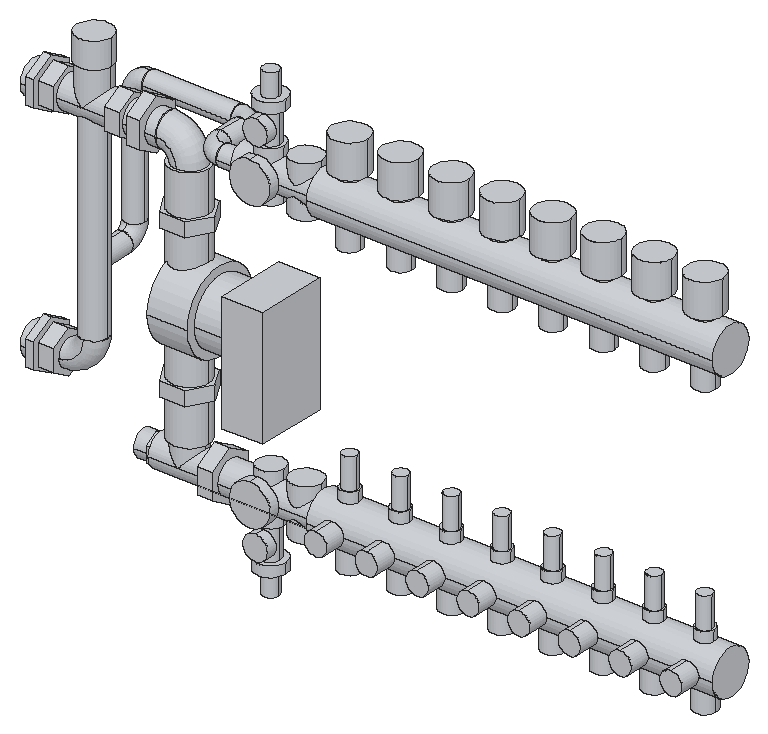
Revit family "318_9b57ddf208284e03839ea56ae0efe0", category Pipe Accessories, Revit 2017
Family settings
  Round Connector Dimension = Use Diameter
  Part Type = Valve - Normal
  Work Plane-Based = No
  Always vertical = Yes
  Cut with Voids When Loaded = No
  Shared = No
Parameters (values of type "R559NY008")
  magi_piping_qv_2_8 [instance] = 0.0 L/s
  magi_piping_qv_2_7 [instance] = 0.0 L/s
  magi_piping_qv_2_6 [instance] = 0.0 L/s
  magi_piping_qv_2_5 [instance] = 0.0 L/s
  magi_piping_qv_2_4 [instance] = 0.0 L/s
  magi_piping_qv_2_3 [instance] = 0.0 L/s
  magi_piping_qv_2_2 [instance] = 0.0 L/s
  magi_piping_qv_2_1 [instance] = 0.0 L/s
  magi_piping_qv_1_8 [instance] = 0.0 L/s
  magi_piping_qv_1_7 [instance] = 0.0 L/s
  magi_piping_qv_1_6 [instance] = 0.0 L/s
  magi_piping_qv_1_5 [instance] = 0.0 L/s
  magi_piping_qv_1_4 [instance] = 0.0 L/s
  magi_piping_qv_1_3 [instance] = 0.0 L/s
  magi_piping_qv_1_2 [instance] = 0.0 L/s
  magi_piping_qv_1_1 [instance] = 0.0 L/s
  magi_piping_qv [instance] = 0.0 L/s
  magi_piping_power_8 [instance] = 0 W
  magi_piping_power_7 [instance] = 0 W
  magi_piping_power_6 [instance] = 0 W
  magi_piping_power_5 [instance] = 0 W
  magi_piping_power_4 [instance] = 0 W
  magi_piping_power_3 [instance] = 0 W
  magi_piping_power_2 [instance] = 0 W
  magi_piping_power_1 [instance] = 0 W
  magi_piping_kv_8 [instance] = 0
  magi_piping_kv_7 [instance] = 0
  magi_piping_kv_6 [instance] = 0
  magi_piping_kv_5 [instance] = 0
  magi_piping_kv_4 [instance] = 0
  magi_piping_kv_3 [instance] = 0
  magi_piping_kv_2 [instance] = 0
  magi_piping_kv_1 [instance] = 0
  magi_piping_dpTot_8 [instance] = 0.0 Pa
  magi_piping_dpTot_7 [instance] = 0.0 Pa
  magi_piping_dpTot_6 [instance] = 0.0 Pa
  magi_piping_dpTot_5 [instance] = 0.0 Pa
  magi_piping_dpTot_4 [instance] = 0.0 Pa
  magi_piping_dpTot_3 [instance] = 0.0 Pa
  magi_piping_dpTot_2 [instance] = 0.0 Pa
  magi_piping_dpTot_1 [instance] = 0.0 Pa
  magi_adjustmentValue_8 [instance] = ""
  magi_adjustmentValue_7 [instance] = ""
  magi_adjustmentValue_6 [instance] = ""
  magi_adjustmentValue_5 [instance] = ""
  magi_adjustmentValue_4 [instance] = ""
  magi_adjustmentValue_3 [instance] = ""
  magi_adjustmentValue_2 [instance] = ""
  magi_adjustmentValue_1 [instance] = ""
  magiProductId = "9b57ddf208284e03839ea56ae0efe0"
  magiProductFamilyId = "9b57ddf208284e03839ea56ae0efe0"
  magiProductCode = "R559NY008"
  magiPartTypeId = 318
  X1 = 312 mm
  VersionID = "2.0/2016.10.37.0/GIACOMINI_R559N_001"
  VL1 = 287 mm
  URL = "http://www.giacomini.com/en"
  SMP = 25 mm
  SBP9 = 18 mm
  SBP8 = 18 mm
  SBP7 = 18 mm
  SBP6 = 18 mm
  SBP5 = 18 mm
  SBP4 = 18 mm
  SBP3 = 18 mm
  SBP2 = 18 mm
  SBP12 = 18 mm
  SBP11 = 18 mm
  SBP10 = 18 mm
  SBP1 = 18 mm
  RMP = 25 mm
  RBP9 = 18 mm
  RBP8 = 18 mm
  RBP7 = 18 mm
  RBP6 = 18 mm
  RBP5 = 18 mm
  RBP4 = 18 mm
  RBP3 = 18 mm
  RBP2 = 18 mm
  RBP12 = 18 mm
  RBP11 = 18 mm
  RBP10 = 18 mm
  RBP1 = 18 mm
  R2 = 22 mm
  QmdConnectorList = "321;SMP;322;SBP1;323;SBP2;324;SBP3;325;SBP4;326;SBP5;327;SBP6;328;SBP7;329;SBP8;351;RMP;352;RBP1;353;RBP2;354;RBP3;355;RBP4;356;RBP5;357;RBP6;358;RBP7;359;RBP8"
  Productdata [instance] = "© Progman Oy, all rights reserved"
  N9 = no
  N8 = yes
  N7 = yes
  N6 = yes
  N5 = yes
  N12 = no
  N11 = no
  N10 = no
  Manufacturer = "Giacomini"
  MC_Default_elevation = 0 mm
  L = 400 mm
  I = 50 mm
  H5 = 33 mm
  H4 = 5 mm
  H3__ve = -H3  # -40 mm
  H3 = 40 mm
  H2__ve = -H2  # -20 mm
  H2 = 20 mm
  H12 = 30 mm
  H11 = 10 mm
  Flow supply main [instance] = Flow supply 1 + Flow supply 2 + Flow supply 3 + Flow supply 4 + Flow supply 5 + Flow supply 6 + Flow supply 7 + Flow supply 8  # 0.0 L/s
  Flow supply 8 [instance] = 0.0 L/s
  Flow supply 7 [instance] = 0.0 L/s
  Flow supply 6 [instance] = 0.0 L/s
  Flow supply 5 [instance] = 0.0 L/s
  Flow supply 4 [instance] = 0.0 L/s
  Flow supply 3 [instance] = 0.0 L/s
  Flow supply 2 [instance] = 0.0 L/s
  Flow supply 1 [instance] = 0.0 L/s
  Flow return main [instance] = Flow return 1 + Flow return 2 + Flow return 3 + Flow return 4 + Flow return 5 + Flow return 6 + Flow return 7 + Flow return 8  # 0.0 L/s
  Flow return 8 [instance] = 0.0 L/s
  Flow return 7 [instance] = 0.0 L/s
  Flow return 6 [instance] = 0.0 L/s
  Flow return 5 [instance] = 0.0 L/s
  Flow return 4 [instance] = 0.0 L/s
  Flow return 3 [instance] = 0.0 L/s
  Flow return 2 [instance] = 0.0 L/s
  Flow return 1 [instance] = 0.0 L/s
  E = 285 mm
  Description = "MANIFOLD WITH MIXING VALVE AND ELECTRONIC REGULATION"
  D4 = 22 mm
  D32 = 14 mm
  D31 = 18 mm
  D2 = 44 mm
  CAT0 = yes
Reference planes
  plane 1 "Center (Front/Back)": y = 0
  plane 2 "XYPLANE": z = 0
  plane 3 "Center (Left/Right)": x = 0
  plane 4 "INIT_TEMP": y = 100
  plane 5 "634": y = -5
  plane 6 "630": y = 10
  plane 7 "629": x = 192
  plane 8 "626": x = 177
  plane 9 "621": x = 162
  plane 10 "619": z = 0
  plane 11 "615": x = 75
  plane 12 "614": z = -15
  plane 13 "611": y = 50
  plane 14 "607": z = -126
  plane 15 "606": y = 35
  plane 16 "603": z = -141
  plane 17 "598": x = 122
  plane 18 "595": x = 133
  plane 19 "256": z = -325
  plane 20 "255": z = -162.5
  plane 21 "254": x = 214
  plane 22 "253": x = 184
  plane 23 "252": z = -142.5
  plane 24 "251": x = 144
  plane 25 "250": z = -210
  plane 26 "249": z = 36
  plane 27 "248": z = 67
  plane 28 "247": z = 57
  plane 29 "246": z = 41
  plane 30 "245": z = 25
  plane 31 "244": x = 234
  plane 32 "243": x = 126
  plane 33 "242": z = -231
  plane 34 "241": x = 137
  plane 35 "240": x = 194
  plane 36 "239": y = -16
  plane 37 "238": y = -9
  plane 38 "237": z = -326
  plane 39 "236": z = -352
  plane 40 "235": z = -342
  plane 41 "234": z = -224
  plane 42 "233": z = -264
  plane 43 "232": z = -61
  plane 44 "231": z = -21
  plane 45 "230": x = 287
  plane 46 "229": z = -263
  plane 47 "228": x = 0
  plane 48 "227": y = 0
  plane 49 "226": z = -285
  plane 50 "225": z = 0
  plane 51 "224": z = 22
  plane 52 "223": x = 312
  plane 53 "222": x = 362
  plane 54 "221": y = -22
  plane 55 "220": x = 412
  plane 56 "219": x = 462
  plane 57 "218": x = 512
  plane 58 "217": x = 562
  plane 59 "216": x = 612
  plane 60 "215": x = 662
  plane 61 "214": x = 712
  plane 62 "213": x = 762
  plane 63 "212": x = 812
  plane 64 "211": x = 862
  plane 65 "210": z = -310
  plane 66 "209": z = 27
  plane 67 "208": z = -253
  plane 68 "207": x = 154
  plane 69 "206": z = 25
  plane 70 "205": x = 269
  plane 71 "204": z = -260
  plane 72 "203": x = 60
  plane 73 "202": x = 100
  plane 74 "201": x = 20
  plane 75 "200": x = 35
  plane 76 "199": z = -206
  plane 77 "198": z = -40
  plane 78 "4": x = 10
Forms (mm)
  Extrusion 1, solid
    sketch origin (192, -750, 0) x (0, 1, 0) y (0, 0, 1)
      loop
        circle (745, 0) r 10
    from 0 to 15
  Revolve 2, solid
    sketch origin (177, 10, 0) x (0, 0, -1) y (1, 0, 0)
      loop
        circle (0, 0) r 10
      axis (-10, 15) -> (10, 15)
    angle from 0 to -90
  Extrusion 3, solid
    sketch origin (750, 35, 0) x (-1, 0, 0) y (0, 0, 1)
      loop
        circle (573, 0) r 10
    from 0 to -25
  Revolve 4, solid
    sketch origin (162, 50, 0) x (0, 1, 0) y (0, 0, 1)
      loop
        circle (0, 0) r 10
      axis (-15, 0) -> (-15, 1)
    angle from 0 to -90
  Extrusion 5, solid
    sketch origin (75, -750, 0) x (0, 1, 0) y (0, 0, 1)
      loop
        circle (800, 0) r 10
    from 0 to 87
  Revolve 6, solid
    sketch origin (60, 50, -15) x (1, 0, 0) y (0, 1, 0)
      loop
        circle (0, 0) r 10
      axis (15, 0) -> (15, -1)
    angle from 0 to -90
  Extrusion 7, solid
    sketch origin (-750, 0, -126) x (1, 0, 0) y (0, 1, 0)
      loop
        circle (810, 50) r 10
    from 0 to 111
  Revolve 8, solid
    sketch origin (60, 35, -141) x (0, 0, 1) y (1, 0, 0)
      loop
        circle (0, 0) r 10
      axis (15, 0) -> (15, -1)
    angle from 0 to -90
  Extrusion 9, solid
    sketch origin (750, 0, 0) x (-1, 0, 0) y (0, 0, 1)
      loop
        circle (690, -141) r 10
    from 0 to 35
  Revolve 10, solid
    sketch origin (133, 0, 0) x (0, 1, 0) y (0, 0, 1)
      loop
        circle (0, 0) r 16
      axis (16, -21) -> (-16, -21)
    angle from 0 to -90
  Extrusion 11, solid
    sketch origin (10, -750, 0) x (0, 1, 0) y (0, 0, 1)
      loop
        line (750, 25) -> (728.349, 12.5) -> (728.349, -12.5) -> (750, -25) -> (771.651, -12.5) -> (771.651, 12.5) -> (750, 25)
    from 0 to 8
  Extrusion 12, solid
    sketch origin (0, -750, 0) x (0, 1, 0) y (0, 0, 1)
      loop
        circle (750, 0) r 16
    from 0 to 133
  Extrusion 13, solid
    sketch origin (-750, 0, 36) x (1, 0, 0) y (0, 1, 0)
      loop
        circle (810, 0) r 17
    from 0 to 25
  Extrusion 14, solid
    sketch origin (214, -750, 0) x (0, 1, 0) y (0, 0, 1)
      loop
        line (715, -104.5) -> (715, -220.5) -> (785, -220.5) -> (785, -104.5) -> (715, -104.5)
    from 0 to 40
  Extrusion 15, solid
    sketch origin (184, -750, 0) x (0, 1, 0) y (0, 0, 1)
      loop
        circle (750, -142.5) r 32.5
    from 0 to 30
  Extrusion 16, solid
    sketch origin (144, -750, 0) x (0, 1, 0) y (0, 0, 1)
      loop
        circle (750, -142.5) r 40
    from 0 to 40
  Extrusion 17, solid
    sketch origin (-750, 0, -210) x (1, 0, 0) y (0, 1, 0)
      loop
        circle (904, 0) r 19
    from 0 to 135
  Extrusion 18, solid
    sketch origin (-750, 0, 0) x (1, 0, 0) y (0, 1, 0)
      loop
        circle (810, 0) r 16
    from 0 to 36
  Extrusion 19, solid
    sketch origin (750, -16, 0) x (-1, 0, 0) y (0, 0, 1)
      loop
        circle (516, 0) r 20
    from 0 to -10
  Extrusion 20, solid
    sketch origin (-750, 0, 25) x (1, 0, 0) y (0, 1, 0)
      loop
        circle (984, 0) r 9
    from 0 to 32
  Extrusion 21, solid
    sketch origin (-750, 0, 57) x (1, 0, 0) y (0, 1, 0)
      loop
        circle (984, 0) r 15
    from 0 to 10
  Extrusion 22, solid
    sketch origin (-750, 0, 67) x (1, 0, 0) y (0, 1, 0)
      loop
        circle (984, 0) r 7.5
    from 0 to 22
  Extrusion 23, solid
    sketch origin (750, -9, 0) x (-1, 0, 0) y (0, 0, 1)
      loop
        circle (516, 41) r 12
    from 0 to -10
  Extrusion 24, solid
    sketch origin (-750, 0, 25) x (1, 0, 0) y (0, 1, 0)
      loop
        circle (984, 0) r 13
    from 0 to -50
  Extrusion 25, solid
    sketch origin (750, -16, 0) x (-1, 0, 0) y (0, 0, 1)
      loop
        circle (516, -285) r 20
    from 0 to -10
  Extrusion 26, solid
    sketch origin (750, -9, 0) x (-1, 0, 0) y (0, 0, 1)
      loop
        circle (516, -326) r 12
    from 0 to -10
  Extrusion 27, solid
    sketch origin (-750, 0, -352) x (1, 0, 0) y (0, 1, 0)
      loop
        circle (984, 0) r 7.5
    from 0 to -22
  Extrusion 28, solid
    sketch origin (-750, 0, -342) x (1, 0, 0) y (0, 1, 0)
      loop
        circle (984, 0) r 15
    from 0 to -10
  Extrusion 29, solid
    sketch origin (-750, 0, -310) x (1, 0, 0) y (0, 1, 0)
      loop
        circle (984, 0) r 9
    from 0 to -32
  Extrusion 30, solid
    sketch origin (-750, 0, -264) x (1, 0, 0) y (0, 1, 0)
      loop
        circle (904, 0) r 19
    from 0 to 40
  Extrusion 31, solid
    sketch origin (-750, 0, -285) x (1, 0, 0) y (0, 1, 0)
      loop
        circle (904, 0) r 16
    from 0 to 21
  Extrusion 32, solid
    sketch origin (-750, 0, -224) x (1, 0, 0) y (0, 1, 0)
      loop
        line (929, 0) -> (916.5, 21.651) -> (891.5, 21.651) -> (879, 0) -> (891.5, -21.651) -> (916.5, -21.651) -> (929, 0)
    from 0 to 14
  Extrusion 33, solid
    sketch origin (-750, 0, -61) x (1, 0, 0) y (0, 1, 0)
      loop
        line (879, 0) -> (891.5, -21.651) -> (916.5, -21.651) -> (929, 0) -> (916.5, 21.651) -> (891.5, 21.651) -> (879, 0)
    from 0 to -14
  Extrusion 34, solid
    sketch origin (-750, 0, -21) x (1, 0, 0) y (0, 1, 0)
      loop
        circle (904, 0) r 19
    from 0 to -40
  Extrusion 35, solid, visible <- "CAT0"
    sketch origin (126, -750, 0) x (0, 1, 0) y (0, 0, 1)
      loop
        circle (750, -285) r 12.5
    from 0 to -17
  Extrusion 36, solid
    sketch origin (137, -750, 0) x (0, 1, 0) y (0, 0, 1)
      loop
        line (750, -270) -> (737.01, -277.5) -> (737.01, -292.5) -> (750, -300) -> (762.99, -292.5) -> (762.99, -277.5) -> (750, -270)
    from 0 to -15
  Extrusion 37, solid
    sketch origin (122, -750, 0) x (0, 1, 0) y (0, 0, 1)
      loop
        line (750, 25) -> (728.349, 12.5) -> (728.349, -12.5) -> (750, -25) -> (771.651, -12.5) -> (771.651, 12.5) -> (750, 25)
    from 0 to -13
  Extrusion 38, solid
    sketch origin (287, -750, 0) x (0, 1, 0) y (0, 0, 1)
      loop
        circle (750, 0) r 16
    from 0 to -80
  Extrusion 39, solid
    sketch origin (194, -750, 0) x (0, 1, 0) y (0, 0, 1)
      loop
        line (750, -260) -> (728.349, -272.5) -> (728.349, -297.5) -> (750, -310) -> (771.651, -297.5) -> (771.651, -272.5) -> (750, -260)
    from 0 to -15
  Extrusion 40, solid
    sketch origin (287, -750, 0) x (0, 1, 0) y (0, 0, 1)
      loop
        circle (750, -285) r 16
    from 0 to -161
  Extrusion 41, solid, visible <- "N10"
    sketch origin (-750, 0, 0) x (1, 0, 0) y (0, 1, 0)
      loop
        circle (1512, 0) r 11
    from 0 to -40 <- "H3__ve"
  Extrusion 42, solid, visible <- "N10"
    sketch origin (-750, 0, 22) x (1, 0, 0) y (0, 1, 0)
      loop
        circle (1512, 0) r 11
    from 0 to 5 <- "H4"
  Extrusion 43, solid, visible <- "N10"
    sketch origin (-750, 0, 27) x (1, 0, 0) y (0, 1, 0)
      loop
        circle (1512, 0) r 17.5
    from 0 to 33 <- "H5"
  Extrusion 44, solid, visible <- "N12"
    sketch origin (-750, 0, 27) x (1, 0, 0) y (0, 1, 0)
      loop
        circle (1612, 0) r 17.5
    from 0 to 33 <- "H5"
  Extrusion 45, solid, visible <- "N12"
    sketch origin (-750, 0, 22) x (1, 0, 0) y (0, 1, 0)
      loop
        circle (1612, 0) r 11
    from 0 to 5 <- "H4"
  Extrusion 46, solid, visible <- "N12"
    sketch origin (-750, 0, 0) x (1, 0, 0) y (0, 1, 0)
      loop
        circle (1612, 0) r 11
    from 0 to -40 <- "H3__ve"
  Extrusion 47, solid, visible <- "N11"
    sketch origin (-750, 0, 0) x (1, 0, 0) y (0, 1, 0)
      loop
        circle (1562, 0) r 11
    from 0 to -40 <- "H3__ve"
  Extrusion 48, solid, visible <- "N11"
    sketch origin (-750, 0, 22) x (1, 0, 0) y (0, 1, 0)
      loop
        circle (1562, 0) r 11
    from 0 to 5 <- "H4"
  Extrusion 49, solid, visible <- "N11"
    sketch origin (-750, 0, 27) x (1, 0, 0) y (0, 1, 0)
      loop
        circle (1562, 0) r 17.5
    from 0 to 33 <- "H5"
  Extrusion 50, solid, visible <- "N8"
    sketch origin (-750, 0, 27) x (1, 0, 0) y (0, 1, 0)
      loop
        circle (1412, 0) r 17.5
    from 0 to 33 <- "H5"
  Extrusion 51, solid, visible <- "N8"
    sketch origin (-750, 0, 22) x (1, 0, 0) y (0, 1, 0)
      loop
        circle (1412, 0) r 11
    from 0 to 5 <- "H4"
  Extrusion 52, solid, visible <- "N8"
    sketch origin (-750, 0, 0) x (1, 0, 0) y (0, 1, 0)
      loop
        circle (1412, 0) r 11
    from 0 to -40 <- "H3__ve"
  Extrusion 53, solid, visible <- "N9"
    sketch origin (-750, 0, 0) x (1, 0, 0) y (0, 1, 0)
      loop
        circle (1462, 0) r 11
    from 0 to -40 <- "H3__ve"
  Extrusion 54, solid, visible <- "N9"
    sketch origin (-750, 0, 22) x (1, 0, 0) y (0, 1, 0)
      loop
        circle (1462, 0) r 11
    from 0 to 5 <- "H4"
  Extrusion 55, solid, visible <- "N9"
    sketch origin (-750, 0, 27) x (1, 0, 0) y (0, 1, 0)
      loop
        circle (1462, 0) r 17.5
    from 0 to 33 <- "H5"
  Extrusion 56, solid, visible <- "N7"
    sketch origin (-750, 0, 27) x (1, 0, 0) y (0, 1, 0)
      loop
        circle (1362, 0) r 17.5
    from 0 to 33 <- "H5"
  Extrusion 57, solid, visible <- "N7"
    sketch origin (-750, 0, 22) x (1, 0, 0) y (0, 1, 0)
      loop
        circle (1362, 0) r 11
    from 0 to 5 <- "H4"
  Extrusion 58, solid, visible <- "N7"
    sketch origin (-750, 0, 0) x (1, 0, 0) y (0, 1, 0)
      loop
        circle (1362, 0) r 11
    from 0 to -40 <- "H3__ve"
  Extrusion 59, solid, visible <- "N6"
    sketch origin (-750, 0, 0) x (1, 0, 0) y (0, 1, 0)
      loop
        circle (1312, 0) r 11
    from 0 to -40 <- "H3__ve"
  Extrusion 60, solid, visible <- "N6"
    sketch origin (-750, 0, 22) x (1, 0, 0) y (0, 1, 0)
      loop
        circle (1312, 0) r 11
    from 0 to 5 <- "H4"
  Extrusion 61, solid, visible <- "N6"
    sketch origin (-750, 0, 27) x (1, 0, 0) y (0, 1, 0)
      loop
        circle (1312, 0) r 17.5
    from 0 to 33 <- "H5"
  Extrusion 62, solid, visible <- "N5"
    sketch origin (-750, 0, 27) x (1, 0, 0) y (0, 1, 0)
      loop
        circle (1262, 0) r 17.5
    from 0 to 33 <- "H5"
  Extrusion 63, solid, visible <- "N5"
    sketch origin (-750, 0, 22) x (1, 0, 0) y (0, 1, 0)
      loop
        circle (1262, 0) r 11
    from 0 to 5 <- "H4"
  Extrusion 64, solid, visible <- "N5"
    sketch origin (-750, 0, 0) x (1, 0, 0) y (0, 1, 0)
      loop
        circle (1262, 0) r 11
    from 0 to -40 <- "H3__ve"
  Extrusion 65, solid
    sketch origin (-750, 0, 0) x (1, 0, 0) y (0, 1, 0)
      loop
        circle (1212, 0) r 11
    from 0 to -40 <- "H3__ve"
  Extrusion 66, solid
    sketch origin (-750, 0, 22) x (1, 0, 0) y (0, 1, 0)
      loop
        circle (1212, 0) r 11
    from 0 to 5 <- "H4"
  Extrusion 67, solid
    sketch origin (-750, 0, 27) x (1, 0, 0) y (0, 1, 0)
      loop
        circle (1212, 0) r 17.5
    from 0 to 33 <- "H5"
  Extrusion 68, solid
    sketch origin (-750, 0, 27) x (1, 0, 0) y (0, 1, 0)
      loop
        circle (1162, 0) r 17.5
    from 0 to 33 <- "H5"
  Extrusion 69, solid
    sketch origin (-750, 0, 22) x (1, 0, 0) y (0, 1, 0)
      loop
        circle (1162, 0) r 11
    from 0 to 5 <- "H4"
  Extrusion 70, solid
    sketch origin (-750, 0, 22) x (1, 0, 0) y (0, 1, 0)
      loop
        circle (1112, 0) r 11
    from 0 to 5 <- "H4"
  Extrusion 71, solid
    sketch origin (-750, 0, 27) x (1, 0, 0) y (0, 1, 0)
      loop
        circle (1112, 0) r 17.5
    from 0 to 33 <- "H5"
  Extrusion 72, solid
    sketch origin (-750, 0, 27) x (1, 0, 0) y (0, 1, 0)
      loop
        circle (1062, 0) r 17.5
    from 0 to 33 <- "H5"
  Extrusion 73, solid
    sketch origin (-750, 0, 22) x (1, 0, 0) y (0, 1, 0)
      loop
        circle (1062, 0) r 11
    from 0 to 5 <- "H4"
  Extrusion 74, solid
    sketch origin (-750, 0, 0) x (1, 0, 0) y (0, 1, 0)
      loop
        circle (1162, 0) r 11
    from 0 to -40 <- "H3__ve"
  Extrusion 75, solid
    sketch origin (-750, 0, 0) x (1, 0, 0) y (0, 1, 0)
      loop
        circle (1062, 0) r 11
    from 0 to -40 <- "H3__ve"
  Extrusion 76, solid
    sketch origin (-750, 0, 0) x (1, 0, 0) y (0, 1, 0)
      loop
        circle (1112, 0) r 11
    from 0 to -40 <- "H3__ve"
  Extrusion 77, solid
    sketch origin (287, -750, 0) x (0, 1, 0) y (0, 0, 1)
      loop
        circle (750, 0) r 22
    from 0 to 400 <- "L"
  Extrusion 78, solid, visible <- "N8"
    sketch origin (-750, 0, -285) x (1, 0, 0) y (0, 1, 0)
      loop
        circle (1412, 0) r 11
    from 0 to -40 <- "H3__ve"
  Extrusion 79, solid, visible <- "N9"
    sketch origin (-750, 0, -285) x (1, 0, 0) y (0, 1, 0)
      loop
        circle (1462, 0) r 11
    from 0 to -40 <- "H3__ve"
  Extrusion 80, solid, visible <- "N10"
    sketch origin (-750, 0, -285) x (1, 0, 0) y (0, 1, 0)
      loop
        circle (1512, 0) r 11
    from 0 to -40 <- "H3__ve"
  Extrusion 81, solid, visible <- "N11"
    sketch origin (-750, 0, -285) x (1, 0, 0) y (0, 1, 0)
      loop
        circle (1562, 0) r 11
    from 0 to -40 <- "H3__ve"
  Extrusion 82, solid, visible <- "N12"
    sketch origin (-750, 0, -285) x (1, 0, 0) y (0, 1, 0)
      loop
        circle (1612, 0) r 11
    from 0 to -40 <- "H3__ve"
  Extrusion 83, solid, visible <- "N7"
    sketch origin (-750, 0, -285) x (1, 0, 0) y (0, 1, 0)
      loop
        circle (1362, 0) r 11
    from 0 to -40 <- "H3__ve"
  Extrusion 84, solid, visible <- "N6"
    sketch origin (-750, 0, -285) x (1, 0, 0) y (0, 1, 0)
      loop
        circle (1312, 0) r 11
    from 0 to -40 <- "H3__ve"
  Extrusion 85, solid, visible <- "N5"
    sketch origin (-750, 0, -285) x (1, 0, 0) y (0, 1, 0)
      loop
        circle (1262, 0) r 11
    from 0 to -40 <- "H3__ve"
  Extrusion 86, solid
    sketch origin (-750, 0, -285) x (1, 0, 0) y (0, 1, 0)
      loop
        circle (1212, 0) r 11
    from 0 to -40 <- "H3__ve"
  Extrusion 87, solid
    sketch origin (-750, 0, -285) x (1, 0, 0) y (0, 1, 0)
      loop
        circle (1162, 0) r 11
    from 0 to -40 <- "H3__ve"
  Extrusion 88, solid
    sketch origin (-750, 0, -285) x (1, 0, 0) y (0, 1, 0)
      loop
        circle (1112, 0) r 11
    from 0 to -40 <- "H3__ve"
  Extrusion 89, solid
    sketch origin (-750, 0, -285) x (1, 0, 0) y (0, 1, 0)
      loop
        circle (1062, 0) r 11
    from 0 to -40 <- "H3__ve"
  Extrusion 90, solid
    sketch origin (287, -750, 0) x (0, 1, 0) y (0, 0, 1)
      loop
        circle (750, -285) r 22
    from 0 to 400 <- "L"
  Extrusion 91, solid
    sketch origin (-750, 0, -263) x (1, 0, 0) y (0, 1, 0)
      loop
        circle (1062, 0) r 9
    from 0 to 10 <- "H11"
  Extrusion 92, solid
    sketch origin (750, -22, 0) x (-1, 0, 0) y (0, 0, 1)
      loop
        circle (438, -285) r 11
    from 0 to -20 <- "H2__ve"
  Extrusion 93, solid
    sketch origin (750, -22, 0) x (-1, 0, 0) y (0, 0, 1)
      loop
        circle (388, -285) r 11
    from 0 to -20 <- "H2__ve"
  Extrusion 94, solid
    sketch origin (750, -22, 0) x (-1, 0, 0) y (0, 0, 1)
      loop
        circle (338, -285) r 11
    from 0 to -20 <- "H2__ve"
  Extrusion 95, solid
    sketch origin (-750, 0, -253) x (1, 0, 0) y (0, 1, 0)
      loop
        circle (1062, 0) r 7
    from 0 to 30 <- "H12"
  Extrusion 96, solid
    sketch origin (-750, 0, -253) x (1, 0, 0) y (0, 1, 0)
      loop
        circle (1112, 0) r 7
    from 0 to 30 <- "H12"
  Extrusion 97, solid
    sketch origin (-750, 0, -263) x (1, 0, 0) y (0, 1, 0)
      loop
        circle (1112, 0) r 9
    from 0 to 10 <- "H11"
  Extrusion 98, solid
    sketch origin (-750, 0, -263) x (1, 0, 0) y (0, 1, 0)
      loop
        circle (1162, 0) r 9
    from 0 to 10 <- "H11"
  Extrusion 99, solid
    sketch origin (-750, 0, -253) x (1, 0, 0) y (0, 1, 0)
      loop
        circle (1162, 0) r 7
    from 0 to 30 <- "H12"
  Extrusion 100, solid
    sketch origin (-750, 0, -253) x (1, 0, 0) y (0, 1, 0)
      loop
        circle (1212, 0) r 7
    from 0 to 30 <- "H12"
  Extrusion 101, solid
    sketch origin (-750, 0, -263) x (1, 0, 0) y (0, 1, 0)
      loop
        circle (1212, 0) r 9
    from 0 to 10 <- "H11"
  Extrusion 102, solid
    sketch origin (750, -22, 0) x (-1, 0, 0) y (0, 0, 1)
      loop
        circle (288, -285) r 11
    from 0 to -20 <- "H2__ve"
  Extrusion 103, solid, visible <- "N5"
    sketch origin (750, -22, 0) x (-1, 0, 0) y (0, 0, 1)
      loop
        circle (238, -285) r 11
    from 0 to -20 <- "H2__ve"
  Extrusion 104, solid, visible <- "N5"
    sketch origin (-750, 0, -263) x (1, 0, 0) y (0, 1, 0)
      loop
        circle (1262, 0) r 9
    from 0 to 10 <- "H11"
  Extrusion 105, solid, visible <- "N5"
    sketch origin (-750, 0, -253) x (1, 0, 0) y (0, 1, 0)
      loop
        circle (1262, 0) r 7
    from 0 to 30 <- "H12"
  Extrusion 106, solid, visible <- "N6"
    sketch origin (-750, 0, -253) x (1, 0, 0) y (0, 1, 0)
      loop
        circle (1312, 0) r 7
    from 0 to 30 <- "H12"
  Extrusion 107, solid, visible <- "N6"
    sketch origin (-750, 0, -263) x (1, 0, 0) y (0, 1, 0)
      loop
        circle (1312, 0) r 9
    from 0 to 10 <- "H11"
  Extrusion 108, solid, visible <- "N6"
    sketch origin (750, -22, 0) x (-1, 0, 0) y (0, 0, 1)
      loop
        circle (188, -285) r 11
    from 0 to -20 <- "H2__ve"
  Extrusion 109, solid, visible <- "N7"
    sketch origin (750, -22, 0) x (-1, 0, 0) y (0, 0, 1)
      loop
        circle (138, -285) r 11
    from 0 to -20 <- "H2__ve"
  Extrusion 110, solid, visible <- "N7"
    sketch origin (-750, 0, -263) x (1, 0, 0) y (0, 1, 0)
      loop
        circle (1362, 0) r 9
    from 0 to 10 <- "H11"
  Extrusion 111, solid, visible <- "N7"
    sketch origin (-750, 0, -253) x (1, 0, 0) y (0, 1, 0)
      loop
        circle (1362, 0) r 7
    from 0 to 30 <- "H12"
  Extrusion 112, solid, visible <- "N8"
    sketch origin (-750, 0, -253) x (1, 0, 0) y (0, 1, 0)
      loop
        circle (1412, 0) r 7
    from 0 to 30 <- "H12"
  Extrusion 113, solid, visible <- "N8"
    sketch origin (-750, 0, -263) x (1, 0, 0) y (0, 1, 0)
      loop
        circle (1412, 0) r 9
    from 0 to 10 <- "H11"
  Extrusion 114, solid, visible <- "N8"
    sketch origin (750, -22, 0) x (-1, 0, 0) y (0, 0, 1)
      loop
        circle (88, -285) r 11
    from 0 to -20 <- "H2__ve"
  Extrusion 115, solid, visible <- "N10"
    sketch origin (750, -22, 0) x (-1, 0, 0) y (0, 0, 1)
      loop
        circle (-12, -285) r 11
    from 0 to -20 <- "H2__ve"
  Extrusion 116, solid, visible <- "N10"
    sketch origin (-750, 0, -263) x (1, 0, 0) y (0, 1, 0)
      loop
        circle (1512, 0) r 9
    from 0 to 10 <- "H11"
  Extrusion 117, solid, visible <- "N10"
    sketch origin (-750, 0, -253) x (1, 0, 0) y (0, 1, 0)
      loop
        circle (1512, 0) r 7
    from 0 to 30 <- "H12"
  Extrusion 118, solid, visible <- "N9"
    sketch origin (-750, 0, -253) x (1, 0, 0) y (0, 1, 0)
      loop
        circle (1462, 0) r 7
    from 0 to 30 <- "H12"
  Extrusion 119, solid, visible <- "N9"
    sketch origin (-750, 0, -263) x (1, 0, 0) y (0, 1, 0)
      loop
        circle (1462, 0) r 9
    from 0 to 10 <- "H11"
  Extrusion 120, solid, visible <- "N9"
    sketch origin (750, -22, 0) x (-1, 0, 0) y (0, 0, 1)
      loop
        circle (38, -285) r 11
    from 0 to -20 <- "H2__ve"
  Extrusion 121, solid, visible <- "N11"
    sketch origin (-750, 0, -253) x (1, 0, 0) y (0, 1, 0)
      loop
        circle (1562, 0) r 7
    from 0 to 30 <- "H12"
  Extrusion 122, solid, visible <- "N11"
    sketch origin (-750, 0, -263) x (1, 0, 0) y (0, 1, 0)
      loop
        circle (1562, 0) r 9
    from 0 to 10 <- "H11"
  Extrusion 123, solid, visible <- "N11"
    sketch origin (750, -22, 0) x (-1, 0, 0) y (0, 0, 1)
      loop
        circle (-62, -285) r 11
    from 0 to -20 <- "H2__ve"
  Extrusion 124, solid, visible <- "N12"
    sketch origin (750, -22, 0) x (-1, 0, 0) y (0, 0, 1)
      loop
        circle (-112, -285) r 11
    from 0 to -20 <- "H2__ve"
  Extrusion 125, solid, visible <- "N12"
    sketch origin (-750, 0, -263) x (1, 0, 0) y (0, 1, 0)
      loop
        circle (1612, 0) r 9
    from 0 to 10 <- "H11"
  Extrusion 126, solid, visible <- "N12"
    sketch origin (-750, 0, -253) x (1, 0, 0) y (0, 1, 0)
      loop
        circle (1612, 0) r 7
    from 0 to 30 <- "H12"
  Extrusion 127, solid, visible <- "CAT0"
    sketch origin (-750, 0, 25) x (1, 0, 0) y (0, 1, 0)
      loop
        circle (1019, 0) r 15
    from 0 to -50
  Extrusion 128, solid
    sketch origin (-750, 0, -310) x (1, 0, 0) y (0, 1, 0)
      loop
        circle (984, 0) r 13
    from 0 to 50
  Extrusion 129, solid, visible <- "CAT0"
    sketch origin (-750, 0, -260) x (1, 0, 0) y (0, 1, 0)
      loop
        circle (1019, 0) r 15
    from 0 to -50
  Extrusion 130, solid
    sketch origin (100, -750, 0) x (0, 1, 0) y (0, 0, 1)
      loop
        line (750, 21) -> (731.813, 10.5) -> (731.813, -10.5) -> (750, -21) -> (768.187, -10.5) -> (768.187, 10.5) -> (750, 21)
    from 0 to -15
  Extrusion 131, solid
    sketch origin (-750, 0, 0) x (1, 0, 0) y (0, 1, 0)
      loop
        circle (810, 0) r 13
    from 0 to -206
  Extrusion 132, solid
    sketch origin (20, -750, 0) x (0, 1, 0) y (0, 0, 1)
      loop
        line (750, 21) -> (731.813, 10.5) -> (731.813, -10.5) -> (750, -21) -> (768.187, -10.5) -> (768.187, 10.5) -> (750, 21)
    from 0 to 15
  Extrusion 133, solid
    sketch origin (20, -750, 0) x (0, 1, 0) y (0, 0, 1)
      loop
        line (750, -210) -> (731.813, -220.5) -> (731.813, -241.5) -> (750, -252) -> (768.187, -241.5) -> (768.187, -220.5) -> (750, -210)
    from 0 to 15
  Extrusion 134, solid
    sketch origin (20, -750, 0) x (0, 1, 0) y (0, 0, 1)
      loop
        circle (750, -231) r 16
    from 0 to -20
  Revolve 135, solid
    sketch origin (35, 0, -231) x (0, 1, 0) y (0, 0, 1)
      loop
        circle (0, 0) r 13
      axis (-13, 25) -> (13, 25)
    angle from 0 to -90
  Extrusion 136, solid
    sketch origin (10, -750, 0) x (0, 1, 0) y (0, 0, 1)
      loop
        line (750, -206) -> (728.349, -218.5) -> (728.349, -243.5) -> (750, -256) -> (771.651, -243.5) -> (771.651, -218.5) -> (750, -206)
    from 0 to 8
  Extrusion 137, solid, not visible
    sketch origin (-750, 0, -40) x (1, 0, 0) y (0, 1, 0)
      loop
        circle (1412, 0) r 10
    from 0 to 10
  Extrusion 138, solid, not visible
    sketch origin (-750, 0, -40) x (1, 0, 0) y (0, 1, 0)
      loop
        circle (1362, 0) r 10
    from 0 to 10
  Extrusion 139, solid, not visible
    sketch origin (-750, 0, -40) x (1, 0, 0) y (0, 1, 0)
      loop
        circle (1312, 0) r 10
    from 0 to 10
  Extrusion 140, solid, not visible
    sketch origin (-750, 0, -40) x (1, 0, 0) y (0, 1, 0)
      loop
        circle (1262, 0) r 10
    from 0 to 10
  Extrusion 141, solid, not visible
    sketch origin (-750, 0, -40) x (1, 0, 0) y (0, 1, 0)
      loop
        circle (1212, 0) r 10
    from 0 to 10
  Extrusion 142, solid, not visible
    sketch origin (-750, 0, -40) x (1, 0, 0) y (0, 1, 0)
      loop
        circle (1112, 0) r 10
    from 0 to 10
  Extrusion 143, solid, not visible
    sketch origin (-750, 0, -40) x (1, 0, 0) y (0, 1, 0)
      loop
        circle (1062, 0) r 10
    from 0 to 10
  Extrusion 144, solid, not visible
    sketch origin (-750, 0, -40) x (1, 0, 0) y (0, 1, 0)
      loop
        circle (1162, 0) r 10
    from 0 to 10
  Extrusion 145, solid, not visible
    sketch origin (-750, 0, -325) x (1, 0, 0) y (0, 1, 0)
      loop
        circle (1412, 0) r 10
    from 0 to 10
  Extrusion 146, solid, not visible
    sketch origin (-750, 0, -325) x (1, 0, 0) y (0, 1, 0)
      loop
        circle (1362, 0) r 10
    from 0 to 10
  Extrusion 147, solid, not visible
    sketch origin (-750, 0, -325) x (1, 0, 0) y (0, 1, 0)
      loop
        circle (1312, 0) r 10
    from 0 to 10
  Extrusion 148, solid, not visible
    sketch origin (-750, 0, -325) x (1, 0, 0) y (0, 1, 0)
      loop
        circle (1262, 0) r 10
    from 0 to 10
  Extrusion 149, solid, not visible
    sketch origin (-750, 0, -325) x (1, 0, 0) y (0, 1, 0)
      loop
        circle (1212, 0) r 10
    from 0 to 10
  Extrusion 150, solid, not visible
    sketch origin (-750, 0, -325) x (1, 0, 0) y (0, 1, 0)
      loop
        circle (1162, 0) r 10
    from 0 to 10
  Extrusion 151, solid, not visible
    sketch origin (0, -750, 0) x (0, 1, 0) y (0, 0, 1)
      loop
        circle (750, 0) r 10
    from 0 to 10
  Extrusion 152, solid, not visible
    sketch origin (0, -750, 0) x (0, 1, 0) y (0, 0, 1)
      loop
        circle (750, -231) r 10
    from 0 to 10
  Extrusion 153, solid, not visible
    sketch origin (-750, 0, -325) x (1, 0, 0) y (0, 1, 0)
      loop
        circle (1062, 0) r 10
    from 0 to 10
  Extrusion 154, solid, not visible
    sketch origin (-750, 0, -325) x (1, 0, 0) y (0, 1, 0)
      loop
        circle (1112, 0) r 10
    from 0 to 10
Text (mm)
  text "© Progman Oy, all rights reserved" at (-472.209, -2482.653, 0), in view "Ref. Level"
Dimensions and locks
  plane 4 "INIT_TEMP" to plane 1 "Center (Front/Back)" = 100 mm
  locked: plane 6 "630" to plane 5 "634" at 15
  locked: plane 15 "606" to plane 6 "630" at 25
  locked: plane 8 "626" to plane 7 "629" at 15
  locked: plane 9 "621" to plane 8 "626" at 15
  locked: plane 11 "615" to plane 9 "621" at 87
  locked: plane 12 "614" to plane 10 "619" at 15
  locked: plane 72 "203" to plane 11 "615" at 15
  locked: plane 14 "607" to plane 12 "614" at 111
  locked: plane 15 "606" to plane 13 "611" at 15
  locked: plane 16 "603" to plane 14 "607" at 15
  locked: plane 1 "Center (Front/Back)" to plane 15 "606" at 35
  locked: plane 2 "XYPLANE" to plane 16 "603" at 141
  locked: plane 73 "202" to plane 17 "598" at 22
  locked: plane 68 "207" to plane 18 "595" at 21
  "H3": plane 49 "226" to plane 19 "256"
  locked: plane 23 "252" to plane 20 "255" at 20
  locked: plane 22 "253" to plane 21 "254" at 30
  locked: plane 24 "251" to plane 22 "253" at 40
  locked: plane 25 "250" to plane 23 "252" at 67.5
  locked: plane 68 "207" to plane 24 "251" at 10
  locked: plane 41 "234" to plane 25 "250" at 14
  locked: plane 2 "XYPLANE" to plane 26 "249" at 36
  locked: plane 28 "247" to plane 27 "248" at 10
  locked: plane 30 "245" to plane 28 "247" at 32
  locked: plane 30 "245" to plane 29 "246" at 16
  locked: plane 2 "XYPLANE" to plane 30 "245" at 25
  locked: plane 45 "230" to plane 31 "244" at 53
  locked: plane 45 "230" to plane 32 "243" at 161
  locked: plane 2 "XYPLANE" to plane 33 "242" at 231
  locked: plane 68 "207" to plane 34 "241" at 17
  locked: plane 68 "207" to plane 35 "240" at 40
  locked: plane 1 "Center (Front/Back)" to plane 36 "239" at 16
  locked: plane 1 "Center (Front/Back)" to plane 37 "238" at 9
  locked: plane 65 "210" to plane 38 "237" at 16
  locked: plane 40 "235" to plane 39 "236" at 10
  locked: plane 65 "210" to plane 40 "235" at 32
  locked: plane 42 "233" to plane 41 "234" at 40
  locked: plane 49 "226" to plane 42 "233" at 21
  locked: plane 44 "231" to plane 43 "232" at 40
  locked: plane 2 "XYPLANE" to plane 44 "231" at 21
  "VL1": plane 3 "Center (Left/Right)" to plane 45 "230"
  "R2": plane 49 "226" to plane 46 "229"
  locked: plane 3 "Center (Left/Right)" to plane 47 "228"
  locked: plane 1 "Center (Front/Back)" to plane 48 "227"
  "E": plane 2 "XYPLANE" to plane 49 "226"
  locked: plane 2 "XYPLANE" to plane 50 "225"
  "R2": plane 2 "XYPLANE" to plane 51 "224"
  "X1": plane 3 "Center (Left/Right)" to plane 52 "223"
  "I": plane 52 "223" to plane 53 "222"
  "R2": plane 1 "Center (Front/Back)" to plane 54 "221"
  "I": plane 53 "222" to plane 55 "220"
  "I": plane 55 "220" to plane 56 "219"
  "I": plane 56 "219" to plane 57 "218"
  "I": plane 57 "218" to plane 58 "217"
  "I": plane 58 "217" to plane 59 "216"
  "I": plane 59 "216" to plane 60 "215"
  "I": plane 60 "215" to plane 61 "214"
  "I": plane 61 "214" to plane 62 "213"
  "I": plane 62 "213" to plane 63 "212"
  "I": plane 63 "212" to plane 64 "211"
  locked: plane 49 "226" to plane 65 "210" at 25
  "H4": plane 51 "224" to plane 66 "209"
  "H11": plane 46 "229" to plane 67 "208"
  locked: plane 3 "Center (Left/Right)" to plane 68 "207" at 154
  locked: plane 2 "XYPLANE" to plane 69 "206" at 25
  locked: plane 45 "230" to plane 70 "205" at 18
  locked: plane 49 "226" to plane 71 "204" at 25
  locked: plane 45 "230" to plane 72 "203" at 227
  locked: plane 72 "203" to plane 73 "202" at 40
  locked: plane 72 "203" to plane 74 "201" at 40
  locked: plane 74 "201" to plane 75 "200" at 15
  locked: plane 33 "242" to plane 76 "199" at 25
  "H3": plane 2 "XYPLANE" to plane 77 "198"
  locked: plane 3 "Center (Left/Right)" to plane 78 "4" at 10
  "D4": diameter of Extrusion 41 sketch curve
  "D4": diameter of Extrusion 42 sketch curve
  diameter of Extrusion 43 sketch curve = 35 mm
  diameter of Extrusion 44 sketch curve = 35 mm
  "D4": diameter of Extrusion 45 sketch curve
  "D4": diameter of Extrusion 46 sketch curve
  "D4": diameter of Extrusion 47 sketch curve
  "D4": diameter of Extrusion 48 sketch curve
  diameter of Extrusion 49 sketch curve = 35 mm
  diameter of Extrusion 50 sketch curve = 35 mm
  "D4": diameter of Extrusion 51 sketch curve
  "D4": diameter of Extrusion 52 sketch curve
  "D4": diameter of Extrusion 53 sketch curve
  "D4": diameter of Extrusion 54 sketch curve
  diameter of Extrusion 55 sketch curve = 35 mm
  diameter of Extrusion 56 sketch curve = 35 mm
  "D4": diameter of Extrusion 57 sketch curve
  "D4": diameter of Extrusion 58 sketch curve
  "D4": diameter of Extrusion 59 sketch curve
  "D4": diameter of Extrusion 60 sketch curve
  diameter of Extrusion 61 sketch curve = 35 mm
  diameter of Extrusion 62 sketch curve = 35 mm
  "D4": diameter of Extrusion 63 sketch curve
  "D4": diameter of Extrusion 64 sketch curve
  "D4": diameter of Extrusion 65 sketch curve
  "D4": diameter of Extrusion 66 sketch curve
  diameter of Extrusion 67 sketch curve = 35 mm
  diameter of Extrusion 68 sketch curve = 35 mm
  "D4": diameter of Extrusion 69 sketch curve
  "D4": diameter of Extrusion 70 sketch curve
  diameter of Extrusion 71 sketch curve = 35 mm
  diameter of Extrusion 72 sketch curve = 35 mm
  "D4": diameter of Extrusion 73 sketch curve
  "D4": diameter of Extrusion 74 sketch curve
  "D4": diameter of Extrusion 75 sketch curve
  "D4": diameter of Extrusion 76 sketch curve
  "D2": diameter of Extrusion 77 sketch curve
  "D4": diameter of Extrusion 78 sketch curve
  "D4": diameter of Extrusion 79 sketch curve
  "D4": diameter of Extrusion 80 sketch curve
  "D4": diameter of Extrusion 81 sketch curve
  "D4": diameter of Extrusion 82 sketch curve
  "D4": diameter of Extrusion 83 sketch curve
  "D4": diameter of Extrusion 84 sketch curve
  "D4": diameter of Extrusion 85 sketch curve
  "D4": diameter of Extrusion 86 sketch curve
  "D4": diameter of Extrusion 87 sketch curve
  "D4": diameter of Extrusion 88 sketch curve
  "D4": diameter of Extrusion 89 sketch curve
  "D2": diameter of Extrusion 90 sketch curve
  "D31": diameter of Extrusion 91 sketch curve
  "D4": diameter of Extrusion 92 sketch curve
  "D4": diameter of Extrusion 93 sketch curve
  "D4": diameter of Extrusion 94 sketch curve
  "D32": diameter of Extrusion 95 sketch curve
  "D32": diameter of Extrusion 96 sketch curve
  "D31": diameter of Extrusion 97 sketch curve
  "D31": diameter of Extrusion 98 sketch curve
  "D32": diameter of Extrusion 99 sketch curve
  "D32": diameter of Extrusion 100 sketch curve
  "D31": diameter of Extrusion 101 sketch curve
  "D4": diameter of Extrusion 102 sketch curve
  "D4": diameter of Extrusion 103 sketch curve
  "D31": diameter of Extrusion 104 sketch curve
  "D32": diameter of Extrusion 105 sketch curve
  "D32": diameter of Extrusion 106 sketch curve
  "D31": diameter of Extrusion 107 sketch curve
  "D4": diameter of Extrusion 108 sketch curve
  "D4": diameter of Extrusion 109 sketch curve
  "D31": diameter of Extrusion 110 sketch curve
  "D32": diameter of Extrusion 111 sketch curve
  "D32": diameter of Extrusion 112 sketch curve
  "D31": diameter of Extrusion 113 sketch curve
  "D4": diameter of Extrusion 114 sketch curve
  "D4": diameter of Extrusion 115 sketch curve
  "D31": diameter of Extrusion 116 sketch curve
  "D32": diameter of Extrusion 117 sketch curve
  "D32": diameter of Extrusion 118 sketch curve
  "D31": diameter of Extrusion 119 sketch curve
  "D4": diameter of Extrusion 120 sketch curve
  "D32": diameter of Extrusion 121 sketch curve
  "D31": diameter of Extrusion 122 sketch curve
  "D4": diameter of Extrusion 123 sketch curve
  "D4": diameter of Extrusion 124 sketch curve
  "D31": diameter of Extrusion 125 sketch curve
  "D32": diameter of Extrusion 126 sketch curve
  aligned and locked: level to plane 2 "XYPLANE"
  aligned and locked: Extrusion 1 sketch curve to plane 5 "634"
  aligned and locked: plane 10 "619" to Extrusion 1 sketch curve
  aligned and locked: plane 8 "626" to Revolve 2 sketch curve
  aligned and locked: plane 10 "619" to Revolve 2 sketch curve
  aligned and locked: plane 8 "626" to Extrusion 3 sketch curve
  aligned and locked: plane 10 "619" to Extrusion 3 sketch curve
  aligned and locked: plane 10 "619" to Revolve 4 sketch curve
  aligned and locked: Revolve 4 sketch curve to plane 13 "611"
  aligned and locked: Revolve 4 sketch curve to plane 15 "606"
  aligned and locked: plane 10 "619" to Extrusion 5 sketch curve
  aligned and locked: Extrusion 5 sketch curve to plane 13 "611"
  aligned and locked: plane 13 "611" to Revolve 6 sketch curve
  aligned and locked: plane 72 "203" to Revolve 6 sketch curve
  aligned and locked: Revolve 6 sketch curve to plane 11 "615"
  aligned and locked: plane 13 "611" to Extrusion 7 sketch curve
  aligned and locked: plane 72 "203" to Extrusion 7 sketch curve
  aligned and locked: plane 16 "603" to Revolve 8 sketch curve
  aligned and locked: plane 72 "203" to Revolve 8 sketch curve
  aligned and locked: plane 16 "603" to Extrusion 9 sketch curve
  aligned and locked: plane 72 "203" to Extrusion 9 sketch curve
  aligned and locked: Revolve 10 sketch curve to plane 48 "227"
  aligned and locked: plane 50 "225" to Revolve 10 sketch curve
  aligned and locked: Extrusion 12 sketch curve to plane 48 "227"
  aligned and locked: plane 50 "225" to Extrusion 12 sketch curve
  aligned and locked: plane 48 "227" to Extrusion 13 sketch curve
  aligned and locked: plane 72 "203" to Extrusion 13 sketch curve
  aligned and locked: plane 23 "252" to Extrusion 15 sketch curve
  aligned and locked: Extrusion 15 sketch curve to plane 48 "227"
  aligned and locked: plane 23 "252" to Extrusion 16 sketch curve
  aligned and locked: Extrusion 16 sketch curve to plane 48 "227"
  aligned and locked: plane 48 "227" to Extrusion 17 sketch curve
  aligned and locked: plane 68 "207" to Extrusion 17 sketch curve
  aligned and locked: plane 48 "227" to Extrusion 18 sketch curve
  aligned and locked: plane 72 "203" to Extrusion 18 sketch curve
  aligned and locked: plane 31 "244" to Extrusion 19 sketch curve
  aligned and locked: plane 31 "244" to Extrusion 20 sketch curve
  aligned and locked: plane 48 "227" to Extrusion 20 sketch curve
  aligned and locked: plane 31 "244" to Extrusion 21 sketch curve
  aligned and locked: plane 48 "227" to Extrusion 21 sketch curve
  aligned and locked: plane 31 "244" to Extrusion 22 sketch curve
  aligned and locked: plane 48 "227" to Extrusion 22 sketch curve
  aligned and locked: plane 29 "246" to Extrusion 23 sketch curve
  aligned and locked: plane 31 "244" to Extrusion 23 sketch curve
  aligned and locked: plane 31 "244" to Extrusion 24 sketch curve
  aligned and locked: plane 48 "227" to Extrusion 24 sketch curve
  aligned and locked: plane 31 "244" to Extrusion 25 sketch curve
  aligned and locked: plane 49 "226" to Extrusion 25 sketch curve
  aligned and locked: plane 31 "244" to Extrusion 26 sketch curve
  aligned and locked: plane 38 "237" to Extrusion 26 sketch curve
  aligned and locked: plane 31 "244" to Extrusion 27 sketch curve
  aligned and locked: plane 48 "227" to Extrusion 27 sketch curve
  aligned and locked: plane 31 "244" to Extrusion 28 sketch curve
  aligned and locked: plane 48 "227" to Extrusion 28 sketch curve
  aligned and locked: plane 31 "244" to Extrusion 29 sketch curve
  aligned and locked: plane 48 "227" to Extrusion 29 sketch curve
  aligned and locked: plane 48 "227" to Extrusion 30 sketch curve
  aligned and locked: plane 68 "207" to Extrusion 30 sketch curve
  aligned and locked: plane 48 "227" to Extrusion 31 sketch curve
  aligned and locked: plane 68 "207" to Extrusion 31 sketch curve
  aligned and locked: plane 48 "227" to Extrusion 34 sketch curve
  aligned and locked: plane 68 "207" to Extrusion 34 sketch curve
  aligned and locked: Extrusion 35 sketch curve to plane 48 "227"
  aligned and locked: plane 49 "226" to Extrusion 35 sketch curve
  aligned and locked: Extrusion 38 sketch curve to plane 48 "227"
  aligned and locked: plane 50 "225" to Extrusion 38 sketch curve
  aligned and locked: Extrusion 40 sketch curve to plane 48 "227"
  aligned and locked: plane 49 "226" to Extrusion 40 sketch curve
  aligned and locked: Extrusion 41 sketch curve to plane 48 "227"
  aligned and locked: plane 62 "213" to Extrusion 41 sketch curve
  aligned and locked: Extrusion 42 sketch curve to plane 48 "227"
  aligned and locked: plane 62 "213" to Extrusion 42 sketch curve
  aligned and locked: Extrusion 43 sketch curve to plane 48 "227"
  aligned and locked: plane 62 "213" to Extrusion 43 sketch curve
  aligned and locked: Extrusion 44 sketch curve to plane 48 "227"
  aligned and locked: plane 64 "211" to Extrusion 44 sketch curve
  aligned and locked: Extrusion 45 sketch curve to plane 48 "227"
  aligned and locked: plane 64 "211" to Extrusion 45 sketch curve
  aligned and locked: Extrusion 46 sketch curve to plane 48 "227"
  aligned and locked: plane 64 "211" to Extrusion 46 sketch curve
  aligned and locked: Extrusion 47 sketch curve to plane 48 "227"
  aligned and locked: plane 63 "212" to Extrusion 47 sketch curve
  aligned and locked: Extrusion 48 sketch curve to plane 48 "227"
  aligned and locked: plane 63 "212" to Extrusion 48 sketch curve
  aligned and locked: Extrusion 49 sketch curve to plane 48 "227"
  aligned and locked: plane 63 "212" to Extrusion 49 sketch curve
  aligned and locked: plane 48 "227" to Extrusion 50 sketch curve
  aligned and locked: plane 60 "215" to Extrusion 50 sketch curve
  aligned and locked: plane 48 "227" to Extrusion 51 sketch curve
  aligned and locked: plane 60 "215" to Extrusion 51 sketch curve
  aligned and locked: plane 48 "227" to Extrusion 52 sketch curve
  aligned and locked: plane 60 "215" to Extrusion 52 sketch curve
  aligned and locked: plane 48 "227" to Extrusion 53 sketch curve
  aligned and locked: plane 61 "214" to Extrusion 53 sketch curve
  aligned and locked: plane 48 "227" to Extrusion 54 sketch curve
  aligned and locked: plane 61 "214" to Extrusion 54 sketch curve
  aligned and locked: plane 48 "227" to Extrusion 55 sketch curve
  aligned and locked: plane 61 "214" to Extrusion 55 sketch curve
  aligned and locked: plane 48 "227" to Extrusion 56 sketch curve
  aligned and locked: plane 59 "216" to Extrusion 56 sketch curve
  aligned and locked: plane 48 "227" to Extrusion 57 sketch curve
  aligned and locked: plane 59 "216" to Extrusion 57 sketch curve
  aligned and locked: plane 48 "227" to Extrusion 58 sketch curve
  aligned and locked: plane 59 "216" to Extrusion 58 sketch curve
  aligned and locked: plane 48 "227" to Extrusion 59 sketch curve
  aligned and locked: plane 58 "217" to Extrusion 59 sketch curve
  aligned and locked: plane 48 "227" to Extrusion 60 sketch curve
  aligned and locked: plane 58 "217" to Extrusion 60 sketch curve
  aligned and locked: plane 48 "227" to Extrusion 61 sketch curve
  aligned and locked: plane 58 "217" to Extrusion 61 sketch curve
  aligned and locked: plane 48 "227" to Extrusion 62 sketch curve
  aligned and locked: plane 57 "218" to Extrusion 62 sketch curve
  aligned and locked: plane 48 "227" to Extrusion 63 sketch curve
  aligned and locked: plane 57 "218" to Extrusion 63 sketch curve
  aligned and locked: plane 48 "227" to Extrusion 64 sketch curve
  aligned and locked: plane 57 "218" to Extrusion 64 sketch curve
  aligned and locked: plane 48 "227" to Extrusion 65 sketch curve
  aligned and locked: plane 56 "219" to Extrusion 65 sketch curve
  aligned and locked: plane 48 "227" to Extrusion 66 sketch curve
  aligned and locked: plane 56 "219" to Extrusion 66 sketch curve
  aligned and locked: plane 48 "227" to Extrusion 67 sketch curve
  aligned and locked: plane 56 "219" to Extrusion 67 sketch curve
  aligned and locked: plane 48 "227" to Extrusion 68 sketch curve
  aligned and locked: plane 55 "220" to Extrusion 68 sketch curve
  aligned and locked: plane 48 "227" to Extrusion 69 sketch curve
  aligned and locked: plane 55 "220" to Extrusion 69 sketch curve
  aligned and locked: plane 48 "227" to Extrusion 70 sketch curve
  aligned and locked: plane 53 "222" to Extrusion 70 sketch curve
  aligned and locked: plane 48 "227" to Extrusion 71 sketch curve
  aligned and locked: plane 53 "222" to Extrusion 71 sketch curve
  aligned and locked: plane 48 "227" to Extrusion 72 sketch curve
  aligned and locked: plane 52 "223" to Extrusion 72 sketch curve
  aligned and locked: plane 48 "227" to Extrusion 73 sketch curve
  aligned and locked: plane 52 "223" to Extrusion 73 sketch curve
  aligned and locked: plane 48 "227" to Extrusion 74 sketch curve
  aligned and locked: plane 55 "220" to Extrusion 74 sketch curve
  aligned and locked: plane 48 "227" to Extrusion 75 sketch curve
  aligned and locked: plane 52 "223" to Extrusion 75 sketch curve
  aligned and locked: plane 48 "227" to Extrusion 76 sketch curve
  aligned and locked: plane 53 "222" to Extrusion 76 sketch curve
  aligned and locked: Extrusion 77 sketch curve to plane 48 "227"
  aligned and locked: plane 50 "225" to Extrusion 77 sketch curve
  aligned and locked: plane 48 "227" to Extrusion 78 sketch curve
  aligned and locked: plane 60 "215" to Extrusion 78 sketch curve
  aligned and locked: plane 48 "227" to Extrusion 79 sketch curve
  aligned and locked: plane 61 "214" to Extrusion 79 sketch curve
  aligned and locked: Extrusion 80 sketch curve to plane 48 "227"
  aligned and locked: plane 62 "213" to Extrusion 80 sketch curve
  aligned and locked: Extrusion 81 sketch curve to plane 48 "227"
  aligned and locked: plane 63 "212" to Extrusion 81 sketch curve
  aligned and locked: Extrusion 82 sketch curve to plane 48 "227"
  aligned and locked: plane 64 "211" to Extrusion 82 sketch curve
  aligned and locked: plane 48 "227" to Extrusion 83 sketch curve
  aligned and locked: plane 59 "216" to Extrusion 83 sketch curve
  aligned and locked: plane 48 "227" to Extrusion 84 sketch curve
  aligned and locked: plane 58 "217" to Extrusion 84 sketch curve
  aligned and locked: plane 48 "227" to Extrusion 85 sketch curve
  aligned and locked: plane 57 "218" to Extrusion 85 sketch curve
  aligned and locked: plane 48 "227" to Extrusion 86 sketch curve
  aligned and locked: plane 56 "219" to Extrusion 86 sketch curve
  aligned and locked: plane 48 "227" to Extrusion 87 sketch curve
  aligned and locked: plane 55 "220" to Extrusion 87 sketch curve
  aligned and locked: plane 48 "227" to Extrusion 88 sketch curve
  aligned and locked: plane 53 "222" to Extrusion 88 sketch curve
  aligned and locked: plane 48 "227" to Extrusion 89 sketch curve
  aligned and locked: plane 52 "223" to Extrusion 89 sketch curve
  aligned and locked: Extrusion 90 sketch curve to plane 48 "227"
  aligned and locked: plane 49 "226" to Extrusion 90 sketch curve
  aligned and locked: plane 48 "227" to Extrusion 91 sketch curve
  aligned and locked: plane 52 "223" to Extrusion 91 sketch curve
  aligned and locked: plane 49 "226" to Extrusion 92 sketch curve
  aligned and locked: plane 52 "223" to Extrusion 92 sketch curve
  aligned and locked: plane 49 "226" to Extrusion 93 sketch curve
  aligned and locked: plane 53 "222" to Extrusion 93 sketch curve
  aligned and locked: plane 49 "226" to Extrusion 94 sketch curve
  aligned and locked: plane 55 "220" to Extrusion 94 sketch curve
  aligned and locked: plane 48 "227" to Extrusion 95 sketch curve
  aligned and locked: plane 52 "223" to Extrusion 95 sketch curve
  aligned and locked: plane 48 "227" to Extrusion 96 sketch curve
  aligned and locked: plane 53 "222" to Extrusion 96 sketch curve
  aligned and locked: plane 48 "227" to Extrusion 97 sketch curve
  aligned and locked: plane 53 "222" to Extrusion 97 sketch curve
  aligned and locked: plane 48 "227" to Extrusion 98 sketch curve
  aligned and locked: plane 55 "220" to Extrusion 98 sketch curve
  aligned and locked: plane 48 "227" to Extrusion 99 sketch curve
  aligned and locked: plane 55 "220" to Extrusion 99 sketch curve
  aligned and locked: plane 48 "227" to Extrusion 100 sketch curve
  aligned and locked: plane 56 "219" to Extrusion 100 sketch curve
  aligned and locked: plane 48 "227" to Extrusion 101 sketch curve
  aligned and locked: plane 56 "219" to Extrusion 101 sketch curve
  aligned and locked: plane 49 "226" to Extrusion 102 sketch curve
  aligned and locked: plane 56 "219" to Extrusion 102 sketch curve
  aligned and locked: plane 49 "226" to Extrusion 103 sketch curve
  aligned and locked: plane 57 "218" to Extrusion 103 sketch curve
  aligned and locked: plane 48 "227" to Extrusion 104 sketch curve
  aligned and locked: plane 57 "218" to Extrusion 104 sketch curve
  aligned and locked: plane 48 "227" to Extrusion 105 sketch curve
  aligned and locked: plane 57 "218" to Extrusion 105 sketch curve
  aligned and locked: plane 48 "227" to Extrusion 106 sketch curve
  aligned and locked: plane 58 "217" to Extrusion 106 sketch curve
  aligned and locked: plane 48 "227" to Extrusion 107 sketch curve
  aligned and locked: plane 58 "217" to Extrusion 107 sketch curve
  aligned and locked: plane 49 "226" to Extrusion 108 sketch curve
  aligned and locked: plane 58 "217" to Extrusion 108 sketch curve
  aligned and locked: plane 49 "226" to Extrusion 109 sketch curve
  aligned and locked: plane 59 "216" to Extrusion 109 sketch curve
  aligned and locked: plane 48 "227" to Extrusion 110 sketch curve
  aligned and locked: plane 59 "216" to Extrusion 110 sketch curve
  aligned and locked: plane 48 "227" to Extrusion 111 sketch curve
  aligned and locked: plane 59 "216" to Extrusion 111 sketch curve
  aligned and locked: plane 48 "227" to Extrusion 112 sketch curve
  aligned and locked: plane 60 "215" to Extrusion 112 sketch curve
  aligned and locked: plane 48 "227" to Extrusion 113 sketch curve
  aligned and locked: plane 60 "215" to Extrusion 113 sketch curve
  aligned and locked: plane 49 "226" to Extrusion 114 sketch curve
  aligned and locked: plane 60 "215" to Extrusion 114 sketch curve
  aligned and locked: plane 49 "226" to Extrusion 115 sketch curve
  aligned and locked: plane 62 "213" to Extrusion 115 sketch curve
  aligned and locked: Extrusion 116 sketch curve to plane 48 "227"
  aligned and locked: plane 62 "213" to Extrusion 116 sketch curve
  aligned and locked: Extrusion 117 sketch curve to plane 48 "227"
  aligned and locked: plane 62 "213" to Extrusion 117 sketch curve
  aligned and locked: plane 48 "227" to Extrusion 118 sketch curve
  aligned and locked: plane 61 "214" to Extrusion 118 sketch curve
  aligned and locked: plane 48 "227" to Extrusion 119 sketch curve
  aligned and locked: plane 61 "214" to Extrusion 119 sketch curve
  aligned and locked: plane 49 "226" to Extrusion 120 sketch curve
  aligned and locked: plane 61 "214" to Extrusion 120 sketch curve
  aligned and locked: Extrusion 121 sketch curve to plane 48 "227"
  aligned and locked: plane 63 "212" to Extrusion 121 sketch curve
  aligned and locked: Extrusion 122 sketch curve to plane 48 "227"
  aligned and locked: plane 63 "212" to Extrusion 122 sketch curve
  aligned and locked: plane 49 "226" to Extrusion 123 sketch curve
  aligned and locked: plane 63 "212" to Extrusion 123 sketch curve
  aligned and locked: plane 49 "226" to Extrusion 124 sketch curve
  aligned and locked: plane 64 "211" to Extrusion 124 sketch curve
  aligned and locked: Extrusion 125 sketch curve to plane 48 "227"
  aligned and locked: plane 64 "211" to Extrusion 125 sketch curve
  aligned and locked: Extrusion 126 sketch curve to plane 48 "227"
  aligned and locked: plane 64 "211" to Extrusion 126 sketch curve
  aligned and locked: plane 48 "227" to Extrusion 127 sketch curve
  aligned and locked: plane 70 "205" to Extrusion 127 sketch curve
  aligned and locked: plane 31 "244" to Extrusion 128 sketch curve
  aligned and locked: plane 48 "227" to Extrusion 128 sketch curve
  aligned and locked: plane 48 "227" to Extrusion 129 sketch curve
  aligned and locked: plane 70 "205" to Extrusion 129 sketch curve
  aligned and locked: plane 48 "227" to Extrusion 131 sketch curve
  aligned and locked: plane 72 "203" to Extrusion 131 sketch curve
  aligned and locked: plane 33 "242" to Extrusion 134 sketch curve
  aligned and locked: Extrusion 134 sketch curve to plane 48 "227"
  aligned and locked: plane 33 "242" to Revolve 135 sketch curve
  aligned and locked: Revolve 135 sketch curve to plane 48 "227"
  aligned and locked: plane 48 "227" to Extrusion 137 sketch curve
  aligned and locked: plane 60 "215" to Extrusion 137 sketch curve
  aligned and locked: plane 48 "227" to Extrusion 138 sketch curve
  aligned and locked: plane 59 "216" to Extrusion 138 sketch curve
  aligned and locked: plane 48 "227" to Extrusion 139 sketch curve
  aligned and locked: plane 58 "217" to Extrusion 139 sketch curve
  aligned and locked: plane 48 "227" to Extrusion 140 sketch curve
  aligned and locked: plane 57 "218" to Extrusion 140 sketch curve
  aligned and locked: plane 48 "227" to Extrusion 141 sketch curve
  aligned and locked: plane 56 "219" to Extrusion 141 sketch curve
  aligned and locked: plane 48 "227" to Extrusion 142 sketch curve
  aligned and locked: plane 53 "222" to Extrusion 142 sketch curve
  aligned and locked: plane 48 "227" to Extrusion 143 sketch curve
